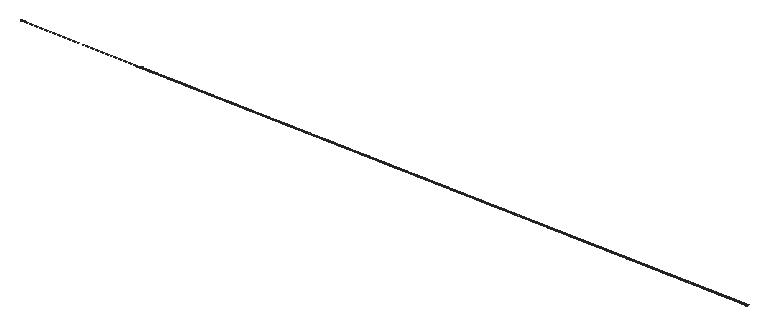
Revit family "0068184", category Lighting Fixtures, host Face, Revit 2017
Family settings
  Host = Face
  Round Connector Dimension = Use Diameter
  Part Type = Normal
  OmniClass Number = 23.80.70.00
  OmniClass Title = Lighting
  Cut with Voids When Loaded = No
  Light Source = Yes
  Shared = No
  Room Calculation Point = No
Parameters (values of type "0068184 FLEX PRO IP20 9000LM 930")
  Weight = "2.0 kg"
  Wattage Comments = ""
  Wattage = 72 W
  WarrantyStartDate [instance] = "n/a"
  WarrantyGuarantorParts = "n/a"
  WarrantyDurationUnit = "n/a"
  WarrantyDurationParts = "n/a"
  WarrantyDescription = "n/a"
  built-in parameter 1150110 = 1 (stored number, unit not read)
  Voltage = 0 V
  URL = "http://www.sylvania-lighting.com"
  TypeName = "Flex Pro IP20 9000lm 930"
  Type Image = <None>
  Type Comments = "n/a"
  built-in parameter 1114217 = 1 (stored number, unit not read)
  Tilt Angle = -90.00°
  built-in parameter 1150109 = 1 (stored number, unit not read)
  built-in parameter 1150134 = (empty or 0)
  built-in parameter 1150113 = 1 (stored number, unit not read)
  SerialNumber [instance] = "n/a"
  Photometric Web File = "0068184.ies"
  PHOTOMETRY3_SYL = 0 mm
  PHOTOMETRY2_SYL = LUM_WIDTH_SYL  # 5 mm
  PHOTOMETRY1_SYL = LUM_LENGHT_SYL / 2  # 2500 mm
  Material_3_SYL = none
  PowerFactor = 0
  PowerConsumption = "72 W"
  NominalLength = 5000 mm
  NominalHeight = 1.2 mm
  NominalDepth = 10 mm
  Name = "Flex Pro IP20 9000lm 930"
  ModelReference = Name  # "Flex Pro IP20 9000lm 930"
  ModelNumber = "0068184"
  Model = Name  # "Flex Pro IP20 9000lm 930"
  Material = "n/a"
  ManufacturerName = "Feilo Sylvania"
  Manufacturer = "Feilo Sylvania"
  LuminousEfficacy = "123 lm/W"
  built-in parameter 1150105 = 704.74 (stored number, unit not read)
  Lumens = 8856 lm
  LuminaireType = ""
  built-in parameter 1150115 = 1 (stored number, unit not read)
  LightOutputRatio = "n/a"
  built-in parameter 1150137 = (empty or 0)
  built-in parameter 1150139 = (empty or 0)
  LampsType = Lamp  # "LED"
  LampNominalLuminous = "9000 lm"
  LampMacAdamStep = "n/a"
  LampColourTemperature = "3000 K"
  LampColourRenderingIndex = "90"
  built-in parameter 1150112 = 1 (stored number, unit not read)
  built-in parameter 1150114 = 1 (stored number, unit not read)
  Lamp = "LED"
  LUM_WIDTH_SYL = 5 mm
  LUM_LENGHT_SYL!!!! = "MUST BE DIVISIBLE WITH 100"
  LUM_LENGHT_SYL = 5000 mm  # constant formula
  LED_CH_S_WIDTH_SYL = 1.5 mm
  LED_CH_S_DEPTH2_SYL = 1.1 mm
  LED_CH_S_DEPTH1_SYL = 1.2 mm
  LED_CH_L_WIDTH_SYL = 1.7 mm
  LED_CH_L_DIST_SYL = 12.5 mm
  LED_CH_L_DIST1_SYL = 51.7 mm
  LED_CH_L_DEPTH_SYL = 1.4 mm
  Keynote = "16500"
  InstallationDate [instance] = "n/a"
  InputVoltage = "n/a"
  InputNominalFrequency = "n/a"
  built-in parameter 1150132 = (empty or 0)
  built-in parameter 1150102 = (empty or 0)
  built-in parameter 1150107 = 3000 (stored number, unit not read)
  built-in parameter 1150138 = (empty or 0)
  IngressProtection = "IP20"
  ImpactProtectionIndex = "IK00"
  built-in parameter 1150106 = 7.0474 (stored number, unit not read)
  IfcExportType = "IfcLightFixtureType"
  IfcExportAs = "IfcLightFixtureType"
  Emit from Circle Diameter = 609.6 mm
  Emit Shape Visible in Rendering = no
  ElectricShockClassification = "Class III"
  built-in parameter 1150104 = 11.427 (stored number, unit not read)
  DocumentationLiterature = "http://www.sylvania-lighting.com/product/en-int/products/0068184"
  DimmingControlOptions = "n/a"
  Material_2_SYL = Default New Material
  Dimming Lamp Color Temperature Shift = <None>
  Description = ""
  Default Elevation = 1219.2 mm
  CreatedOn = "10/16/2020"
  CreatedBy = "@sylvania-lighting.com"
  Cost = 0
  Color Filter = 16777215
  built-in parameter 1114216 [instance] = (empty or 0)
  ClassificationValue = "EF_70_80"
  ClassificationName = "Uniclass2015"
  Material_1_SYL = Default
  CABLE_LENGHT_SYL = 1000 mm
  CABLE_FIX_SYL = 1 mm
  CABLE_END_SYL = 15 mm
  CABLE_DIST_SYL = 1.5 mm
  CABLE_DIST2_SYL = 1.5 mm
  CABLE_BLEND_SYL = 20 mm
  BarCode [instance] = "n/a"
  built-in parameter 1114218 = 1 (stored number, unit not read)
  built-in parameter 1150133 = 10 (stored number, unit not read)
  AssetType = "Fixed"
  AssetIdentifier [instance] = "n/a"
  Assembly Code = "D5020200"
  Apparent Load = 72 VA
  Material_4_SYL = none
Reference planes
  plane 1 "Center (Front/Back)": y = 0
  plane 2: z = 0
  plane 3 "Center (Left/Right)": x = 0
  plane 4: x = 5000
  plane 5: y = 5
  plane 6: y = -5
  plane 7: x = 1
  plane 8: x = -1000
  plane 9: x = -20
  plane 10: x = -985
  plane 11: y = 1.5
  plane 12: y = -1.5
  plane 13: y = 3.5
  plane 14: y = -3.5
  plane 15: y = 1.7
  plane 16: y = -1.7
  plane 17: y = 1.5
  plane 18: y = -1.5
  plane 19: x = 51.7
  plane 20: x = 64.2
  plane 21: x = 76.7
  plane 22: x = 89.2
  plane 23: x = 101.7
  plane 24: x = 114.2
  plane 25: x = 126.7
  plane 26: x = 139.2
  plane 27: x = 9.4
  plane 28: x = 6.6
  plane 29: x = 19.1
  plane 30: x = 21.9
  plane 31: x = 34.4
  plane 32: x = 31.6
  plane 33: x = 44.1
  plane 34: x = 46.9
  plane 35: x = 56.6
  plane 36: x = 59.4
  plane 37: x = 69.1
  plane 38: x = 71.9
  plane 39: x = 81.6
  plane 40: x = 84.4
  plane 41: x = 94.1
  plane 42: x = 96.9
  plane 43: x = 52.9
  plane 44: x = 50.6
Forms (mm)
  Extrusion 1, solid, material "Default" <- "Material_1_SYL"
    sketch origin (0, 0, 0) x (1, 0, 0) y (0, 1, 0)
      loop
        line (0, 5) -> (0, -5) -> (5000, -5) -> (5000, 5) -> (0, 5)
    from -0.9 to -1.2
  Sweep 2, solid, material "Default New Material" <- "Material_2_SYL"
    path origin (0, 0, 0) x (1, 0, 0) y (0, 1, 0)
      loop
        line (1, 3.5) -> (0, 3.5) -> (-20, 1.5) -> (-985, 1.5)
    profile origin (-10, 2.5, 0) x (0.099504, -0.995037, 0) y (0, 0, 1)
      loop
        circle (0, 0) r 1.399
  Sweep 3, solid, material "Default New Material" <- "Material_2_SYL"
    path origin (0, 0, 0) x (1, 0, 0) y (0, 1, 0)
      loop
        line (1, -3.5) -> (0, -3.5) -> (-20, -1.5) -> (-985, -1.5)
    profile origin (-10, -2.5, 0) x (-0.099504, -0.995037, 0) y (0, 0, 1)
      loop
        circle (0, 0) r 1.353
  Revolve 4, solid
    sketch origin (0, 0, 0) x (1, 0, 0) y (0, 1, 0)
      loop
        line (-985, 1.5) -> (-985, 2.444) -> (-1000, 2.444) -> (-1000, 1.5) -> (-985, 1.5)
      axis (-985, 1.5) -> (-1000, 1.5)
    angle from 360 to 0
  Revolve 5, solid
    sketch origin (0, 0, 0) x (1, 0, 0) y (0, 1, 0)
      loop
        line (-985, -1.5) -> (-1000, -1.5) -> (-1000, -2.423) -> (-985, -2.423) -> (-985, -1.5)
      axis (-985, -1.5) -> (-1000, -1.5)
    angle from 360 to 0
  Extrusion 6, solid
    sketch origin (0, 0, 0) x (1, 0, 0) y (0, 1, 0)
      loop
        line (9.4, -1.7) -> (9.4, 1.7) -> (6.6, 1.7) -> (6.6, -1.7) -> (9.4, -1.7)
      loop
        line (19.1, 1.7) -> (19.1, -1.7) -> (21.9, -1.7) -> (21.9, 1.7) -> (19.1, 1.7)
      loop
        line (34.4, -1.7) -> (34.4, 1.7) -> (31.6, 1.7) -> (31.6, -1.7) -> (34.4, -1.7)
      loop
        line (46.9, -1.7) -> (46.9, 1.7) -> (44.1, 1.7) -> (44.1, -1.7) -> (46.9, -1.7)
      loop
        line (59.4, -1.7) -> (59.4, 1.7) -> (56.6, 1.7) -> (56.6, -1.7) -> (59.4, -1.7)
      loop
        line (71.9, -1.7) -> (71.9, 1.7) -> (69.1, 1.7) -> (69.1, -1.7) -> (71.9, -1.7)
      loop
        line (84.4, -1.7) -> (84.4, 1.7) -> (81.6, 1.7) -> (81.6, -1.7) -> (84.4, -1.7)
      loop
        line (96.9, -1.7) -> (96.9, 1.7) -> (94.1, 1.7) -> (94.1, -1.7) -> (96.9, -1.7)
    from -1.2 to 0
  Extrusion 7, solid
    sketch origin (0, 0, 0) x (1, 0, 0) y (0, 1, 0)
      loop
        line (52.9, -1.5) -> (52.9, 1.5) -> (50.6, 1.5) -> (50.6, -1.5) -> (52.9, -1.5)
    from -1.2 to -0.5
  Extrusion 8, solid
    sketch origin (4896.4, 0, 0) x (1, 0, 0) y (0, 1, 0)
      loop
        line (9.4, -1.7) -> (9.4, 1.7) -> (6.6, 1.7) -> (6.6, -1.7) -> (9.4, -1.7)
      loop
        line (19.1, 1.7) -> (19.1, -1.7) -> (21.9, -1.7) -> (21.9, 1.7) -> (19.1, 1.7)
      loop
        line (34.4, -1.7) -> (34.4, 1.7) -> (31.6, 1.7) -> (31.6, -1.7) -> (34.4, -1.7)
      loop
        line (46.9, -1.7) -> (46.9, 1.7) -> (44.1, 1.7) -> (44.1, -1.7) -> (46.9, -1.7)
      loop
        line (59.4, -1.7) -> (59.4, 1.7) -> (56.6, 1.7) -> (56.6, -1.7) -> (59.4, -1.7)
      loop
        line (71.9, -1.7) -> (71.9, 1.7) -> (69.1, 1.7) -> (69.1, -1.7) -> (71.9, -1.7)
      loop
        line (84.4, -1.7) -> (84.4, 1.7) -> (81.6, 1.7) -> (81.6, -1.7) -> (84.4, -1.7)
      loop
        line (96.9, -1.7) -> (96.9, 1.7) -> (94.1, 1.7) -> (94.1, -1.7) -> (96.9, -1.7)
    from -1.2 to 0
  Extrusion 9, solid
    sketch origin (99.927, 0, 0) x (1, 0, 0) y (0, 1, 0)
      loop
        line (9.4, -1.7) -> (9.4, 1.7) -> (6.6, 1.7) -> (6.6, -1.7) -> (9.4, -1.7)
      loop
        line (19.1, 1.7) -> (19.1, -1.7) -> (21.9, -1.7) -> (21.9, 1.7) -> (19.1, 1.7)
      loop
        line (34.4, -1.7) -> (34.4, 1.7) -> (31.6, 1.7) -> (31.6, -1.7) -> (34.4, -1.7)
      loop
        line (46.9, -1.7) -> (46.9, 1.7) -> (44.1, 1.7) -> (44.1, -1.7) -> (46.9, -1.7)
      loop
        line (59.4, -1.7) -> (59.4, 1.7) -> (56.6, 1.7) -> (56.6, -1.7) -> (59.4, -1.7)
      loop
        line (71.9, -1.7) -> (71.9, 1.7) -> (69.1, 1.7) -> (69.1, -1.7) -> (71.9, -1.7)
      loop
        line (84.4, -1.7) -> (84.4, 1.7) -> (81.6, 1.7) -> (81.6, -1.7) -> (84.4, -1.7)
      loop
        line (96.9, -1.7) -> (96.9, 1.7) -> (94.1, 1.7) -> (94.1, -1.7) -> (96.9, -1.7)
    from -1.2 to 0
  Extrusion 10, solid
    sketch origin (199.853, 0, 0) x (1, 0, 0) y (0, 1, 0)
      loop
        line (9.4, -1.7) -> (9.4, 1.7) -> (6.6, 1.7) -> (6.6, -1.7) -> (9.4, -1.7)
      loop
        line (19.1, 1.7) -> (19.1, -1.7) -> (21.9, -1.7) -> (21.9, 1.7) -> (19.1, 1.7)
      loop
        line (34.4, -1.7) -> (34.4, 1.7) -> (31.6, 1.7) -> (31.6, -1.7) -> (34.4, -1.7)
      loop
        line (46.9, -1.7) -> (46.9, 1.7) -> (44.1, 1.7) -> (44.1, -1.7) -> (46.9, -1.7)
      loop
        line (59.4, -1.7) -> (59.4, 1.7) -> (56.6, 1.7) -> (56.6, -1.7) -> (59.4, -1.7)
      loop
        line (71.9, -1.7) -> (71.9, 1.7) -> (69.1, 1.7) -> (69.1, -1.7) -> (71.9, -1.7)
      loop
        line (84.4, -1.7) -> (84.4, 1.7) -> (81.6, 1.7) -> (81.6, -1.7) -> (84.4, -1.7)
      loop
        line (96.9, -1.7) -> (96.9, 1.7) -> (94.1, 1.7) -> (94.1, -1.7) -> (96.9, -1.7)
    from -1.2 to 0
  Extrusion 11, solid
    sketch origin (299.78, 0, 0) x (1, 0, 0) y (0, 1, 0)
      loop
        line (9.4, -1.7) -> (9.4, 1.7) -> (6.6, 1.7) -> (6.6, -1.7) -> (9.4, -1.7)
      loop
        line (19.1, 1.7) -> (19.1, -1.7) -> (21.9, -1.7) -> (21.9, 1.7) -> (19.1, 1.7)
      loop
        line (34.4, -1.7) -> (34.4, 1.7) -> (31.6, 1.7) -> (31.6, -1.7) -> (34.4, -1.7)
      loop
        line (46.9, -1.7) -> (46.9, 1.7) -> (44.1, 1.7) -> (44.1, -1.7) -> (46.9, -1.7)
      loop
        line (59.4, -1.7) -> (59.4, 1.7) -> (56.6, 1.7) -> (56.6, -1.7) -> (59.4, -1.7)
      loop
        line (71.9, -1.7) -> (71.9, 1.7) -> (69.1, 1.7) -> (69.1, -1.7) -> (71.9, -1.7)
      loop
        line (84.4, -1.7) -> (84.4, 1.7) -> (81.6, 1.7) -> (81.6, -1.7) -> (84.4, -1.7)
      loop
        line (96.9, -1.7) -> (96.9, 1.7) -> (94.1, 1.7) -> (94.1, -1.7) -> (96.9, -1.7)
    from -1.2 to 0
  Extrusion 12, solid
    sketch origin (399.706, 0, 0) x (1, 0, 0) y (0, 1, 0)
      loop
        line (9.4, -1.7) -> (9.4, 1.7) -> (6.6, 1.7) -> (6.6, -1.7) -> (9.4, -1.7)
      loop
        line (19.1, 1.7) -> (19.1, -1.7) -> (21.9, -1.7) -> (21.9, 1.7) -> (19.1, 1.7)
      loop
        line (34.4, -1.7) -> (34.4, 1.7) -> (31.6, 1.7) -> (31.6, -1.7) -> (34.4, -1.7)
      loop
        line (46.9, -1.7) -> (46.9, 1.7) -> (44.1, 1.7) -> (44.1, -1.7) -> (46.9, -1.7)
      loop
        line (59.4, -1.7) -> (59.4, 1.7) -> (56.6, 1.7) -> (56.6, -1.7) -> (59.4, -1.7)
      loop
        line (71.9, -1.7) -> (71.9, 1.7) -> (69.1, 1.7) -> (69.1, -1.7) -> (71.9, -1.7)
      loop
        line (84.4, -1.7) -> (84.4, 1.7) -> (81.6, 1.7) -> (81.6, -1.7) -> (84.4, -1.7)
      loop
        line (96.9, -1.7) -> (96.9, 1.7) -> (94.1, 1.7) -> (94.1, -1.7) -> (96.9, -1.7)
    from -1.2 to 0
  Extrusion 13, solid
    sketch origin (499.633, 0, 0) x (1, 0, 0) y (0, 1, 0)
      loop
        line (9.4, -1.7) -> (9.4, 1.7) -> (6.6, 1.7) -> (6.6, -1.7) -> (9.4, -1.7)
      loop
        line (19.1, 1.7) -> (19.1, -1.7) -> (21.9, -1.7) -> (21.9, 1.7) -> (19.1, 1.7)
      loop
        line (34.4, -1.7) -> (34.4, 1.7) -> (31.6, 1.7) -> (31.6, -1.7) -> (34.4, -1.7)
      loop
        line (46.9, -1.7) -> (46.9, 1.7) -> (44.1, 1.7) -> (44.1, -1.7) -> (46.9, -1.7)
      loop
        line (59.4, -1.7) -> (59.4, 1.7) -> (56.6, 1.7) -> (56.6, -1.7) -> (59.4, -1.7)
      loop
        line (71.9, -1.7) -> (71.9, 1.7) -> (69.1, 1.7) -> (69.1, -1.7) -> (71.9, -1.7)
      loop
        line (84.4, -1.7) -> (84.4, 1.7) -> (81.6, 1.7) -> (81.6, -1.7) -> (84.4, -1.7)
      loop
        line (96.9, -1.7) -> (96.9, 1.7) -> (94.1, 1.7) -> (94.1, -1.7) -> (96.9, -1.7)
    from -1.2 to 0
  Extrusion 14, solid
    sketch origin (599.559, 0, 0) x (1, 0, 0) y (0, 1, 0)
      loop
        line (9.4, -1.7) -> (9.4, 1.7) -> (6.6, 1.7) -> (6.6, -1.7) -> (9.4, -1.7)
      loop
        line (19.1, 1.7) -> (19.1, -1.7) -> (21.9, -1.7) -> (21.9, 1.7) -> (19.1, 1.7)
      loop
        line (34.4, -1.7) -> (34.4, 1.7) -> (31.6, 1.7) -> (31.6, -1.7) -> (34.4, -1.7)
      loop
        line (46.9, -1.7) -> (46.9, 1.7) -> (44.1, 1.7) -> (44.1, -1.7) -> (46.9, -1.7)
      loop
        line (59.4, -1.7) -> (59.4, 1.7) -> (56.6, 1.7) -> (56.6, -1.7) -> (59.4, -1.7)
      loop
        line (71.9, -1.7) -> (71.9, 1.7) -> (69.1, 1.7) -> (69.1, -1.7) -> (71.9, -1.7)
      loop
        line (84.4, -1.7) -> (84.4, 1.7) -> (81.6, 1.7) -> (81.6, -1.7) -> (84.4, -1.7)
      loop
        line (96.9, -1.7) -> (96.9, 1.7) -> (94.1, 1.7) -> (94.1, -1.7) -> (96.9, -1.7)
    from -1.2 to 0
  Extrusion 15, solid
    sketch origin (699.486, 0, 0) x (1, 0, 0) y (0, 1, 0)
      loop
        line (9.4, -1.7) -> (9.4, 1.7) -> (6.6, 1.7) -> (6.6, -1.7) -> (9.4, -1.7)
      loop
        line (19.1, 1.7) -> (19.1, -1.7) -> (21.9, -1.7) -> (21.9, 1.7) -> (19.1, 1.7)
      loop
        line (34.4, -1.7) -> (34.4, 1.7) -> (31.6, 1.7) -> (31.6, -1.7) -> (34.4, -1.7)
      loop
        line (46.9, -1.7) -> (46.9, 1.7) -> (44.1, 1.7) -> (44.1, -1.7) -> (46.9, -1.7)
      loop
        line (59.4, -1.7) -> (59.4, 1.7) -> (56.6, 1.7) -> (56.6, -1.7) -> (59.4, -1.7)
      loop
        line (71.9, -1.7) -> (71.9, 1.7) -> (69.1, 1.7) -> (69.1, -1.7) -> (71.9, -1.7)
      loop
        line (84.4, -1.7) -> (84.4, 1.7) -> (81.6, 1.7) -> (81.6, -1.7) -> (84.4, -1.7)
      loop
        line (96.9, -1.7) -> (96.9, 1.7) -> (94.1, 1.7) -> (94.1, -1.7) -> (96.9, -1.7)
    from -1.2 to 0
  Extrusion 16, solid
    sketch origin (799.412, 0, 0) x (1, 0, 0) y (0, 1, 0)
      loop
        line (9.4, -1.7) -> (9.4, 1.7) -> (6.6, 1.7) -> (6.6, -1.7) -> (9.4, -1.7)
      loop
        line (19.1, 1.7) -> (19.1, -1.7) -> (21.9, -1.7) -> (21.9, 1.7) -> (19.1, 1.7)
      loop
        line (34.4, -1.7) -> (34.4, 1.7) -> (31.6, 1.7) -> (31.6, -1.7) -> (34.4, -1.7)
      loop
        line (46.9, -1.7) -> (46.9, 1.7) -> (44.1, 1.7) -> (44.1, -1.7) -> (46.9, -1.7)
      loop
        line (59.4, -1.7) -> (59.4, 1.7) -> (56.6, 1.7) -> (56.6, -1.7) -> (59.4, -1.7)
      loop
        line (71.9, -1.7) -> (71.9, 1.7) -> (69.1, 1.7) -> (69.1, -1.7) -> (71.9, -1.7)
      loop
        line (84.4, -1.7) -> (84.4, 1.7) -> (81.6, 1.7) -> (81.6, -1.7) -> (84.4, -1.7)
      loop
        line (96.9, -1.7) -> (96.9, 1.7) -> (94.1, 1.7) -> (94.1, -1.7) -> (96.9, -1.7)
    from -1.2 to 0
  Extrusion 17, solid
    sketch origin (899.339, 0, 0) x (1, 0, 0) y (0, 1, 0)
      loop
        line (9.4, -1.7) -> (9.4, 1.7) -> (6.6, 1.7) -> (6.6, -1.7) -> (9.4, -1.7)
      loop
        line (19.1, 1.7) -> (19.1, -1.7) -> (21.9, -1.7) -> (21.9, 1.7) -> (19.1, 1.7)
      loop
        line (34.4, -1.7) -> (34.4, 1.7) -> (31.6, 1.7) -> (31.6, -1.7) -> (34.4, -1.7)
      loop
        line (46.9, -1.7) -> (46.9, 1.7) -> (44.1, 1.7) -> (44.1, -1.7) -> (46.9, -1.7)
      loop
        line (59.4, -1.7) -> (59.4, 1.7) -> (56.6, 1.7) -> (56.6, -1.7) -> (59.4, -1.7)
      loop
        line (71.9, -1.7) -> (71.9, 1.7) -> (69.1, 1.7) -> (69.1, -1.7) -> (71.9, -1.7)
      loop
        line (84.4, -1.7) -> (84.4, 1.7) -> (81.6, 1.7) -> (81.6, -1.7) -> (84.4, -1.7)
      loop
        line (96.9, -1.7) -> (96.9, 1.7) -> (94.1, 1.7) -> (94.1, -1.7) -> (96.9, -1.7)
    from -1.2 to 0
  Extrusion 18, solid
    sketch origin (999.265, 0, 0) x (1, 0, 0) y (0, 1, 0)
      loop
        line (9.4, -1.7) -> (9.4, 1.7) -> (6.6, 1.7) -> (6.6, -1.7) -> (9.4, -1.7)
      loop
        line (19.1, 1.7) -> (19.1, -1.7) -> (21.9, -1.7) -> (21.9, 1.7) -> (19.1, 1.7)
      loop
        line (34.4, -1.7) -> (34.4, 1.7) -> (31.6, 1.7) -> (31.6, -1.7) -> (34.4, -1.7)
      loop
        line (46.9, -1.7) -> (46.9, 1.7) -> (44.1, 1.7) -> (44.1, -1.7) -> (46.9, -1.7)
      loop
        line (59.4, -1.7) -> (59.4, 1.7) -> (56.6, 1.7) -> (56.6, -1.7) -> (59.4, -1.7)
      loop
        line (71.9, -1.7) -> (71.9, 1.7) -> (69.1, 1.7) -> (69.1, -1.7) -> (71.9, -1.7)
      loop
        line (84.4, -1.7) -> (84.4, 1.7) -> (81.6, 1.7) -> (81.6, -1.7) -> (84.4, -1.7)
      loop
        line (96.9, -1.7) -> (96.9, 1.7) -> (94.1, 1.7) -> (94.1, -1.7) -> (96.9, -1.7)
    from -1.2 to 0
  Extrusion 19, solid
    sketch origin (1099.192, 0, 0) x (1, 0, 0) y (0, 1, 0)
      loop
        line (9.4, -1.7) -> (9.4, 1.7) -> (6.6, 1.7) -> (6.6, -1.7) -> (9.4, -1.7)
      loop
        line (19.1, 1.7) -> (19.1, -1.7) -> (21.9, -1.7) -> (21.9, 1.7) -> (19.1, 1.7)
      loop
        line (34.4, -1.7) -> (34.4, 1.7) -> (31.6, 1.7) -> (31.6, -1.7) -> (34.4, -1.7)
      loop
        line (46.9, -1.7) -> (46.9, 1.7) -> (44.1, 1.7) -> (44.1, -1.7) -> (46.9, -1.7)
      loop
        line (59.4, -1.7) -> (59.4, 1.7) -> (56.6, 1.7) -> (56.6, -1.7) -> (59.4, -1.7)
      loop
        line (71.9, -1.7) -> (71.9, 1.7) -> (69.1, 1.7) -> (69.1, -1.7) -> (71.9, -1.7)
      loop
        line (84.4, -1.7) -> (84.4, 1.7) -> (81.6, 1.7) -> (81.6, -1.7) -> (84.4, -1.7)
      loop
        line (96.9, -1.7) -> (96.9, 1.7) -> (94.1, 1.7) -> (94.1, -1.7) -> (96.9, -1.7)
    from -1.2 to 0
  Extrusion 20, solid
    sketch origin (1199.118, 0, 0) x (1, 0, 0) y (0, 1, 0)
      loop
        line (9.4, -1.7) -> (9.4, 1.7) -> (6.6, 1.7) -> (6.6, -1.7) -> (9.4, -1.7)
      loop
        line (19.1, 1.7) -> (19.1, -1.7) -> (21.9, -1.7) -> (21.9, 1.7) -> (19.1, 1.7)
      loop
        line (34.4, -1.7) -> (34.4, 1.7) -> (31.6, 1.7) -> (31.6, -1.7) -> (34.4, -1.7)
      loop
        line (46.9, -1.7) -> (46.9, 1.7) -> (44.1, 1.7) -> (44.1, -1.7) -> (46.9, -1.7)
      loop
        line (59.4, -1.7) -> (59.4, 1.7) -> (56.6, 1.7) -> (56.6, -1.7) -> (59.4, -1.7)
      loop
        line (71.9, -1.7) -> (71.9, 1.7) -> (69.1, 1.7) -> (69.1, -1.7) -> (71.9, -1.7)
      loop
        line (84.4, -1.7) -> (84.4, 1.7) -> (81.6, 1.7) -> (81.6, -1.7) -> (84.4, -1.7)
      loop
        line (96.9, -1.7) -> (96.9, 1.7) -> (94.1, 1.7) -> (94.1, -1.7) -> (96.9, -1.7)
    from -1.2 to 0
  Extrusion 21, solid
    sketch origin (1299.045, 0, 0) x (1, 0, 0) y (0, 1, 0)
      loop
        line (9.4, -1.7) -> (9.4, 1.7) -> (6.6, 1.7) -> (6.6, -1.7) -> (9.4, -1.7)
      loop
        line (19.1, 1.7) -> (19.1, -1.7) -> (21.9, -1.7) -> (21.9, 1.7) -> (19.1, 1.7)
      loop
        line (34.4, -1.7) -> (34.4, 1.7) -> (31.6, 1.7) -> (31.6, -1.7) -> (34.4, -1.7)
      loop
        line (46.9, -1.7) -> (46.9, 1.7) -> (44.1, 1.7) -> (44.1, -1.7) -> (46.9, -1.7)
      loop
        line (59.4, -1.7) -> (59.4, 1.7) -> (56.6, 1.7) -> (56.6, -1.7) -> (59.4, -1.7)
      loop
        line (71.9, -1.7) -> (71.9, 1.7) -> (69.1, 1.7) -> (69.1, -1.7) -> (71.9, -1.7)
      loop
        line (84.4, -1.7) -> (84.4, 1.7) -> (81.6, 1.7) -> (81.6, -1.7) -> (84.4, -1.7)
      loop
        line (96.9, -1.7) -> (96.9, 1.7) -> (94.1, 1.7) -> (94.1, -1.7) -> (96.9, -1.7)
    from -1.2 to 0
  Extrusion 22, solid
    sketch origin (1398.971, 0, 0) x (1, 0, 0) y (0, 1, 0)
      loop
        line (9.4, -1.7) -> (9.4, 1.7) -> (6.6, 1.7) -> (6.6, -1.7) -> (9.4, -1.7)
      loop
        line (19.1, 1.7) -> (19.1, -1.7) -> (21.9, -1.7) -> (21.9, 1.7) -> (19.1, 1.7)
      loop
        line (34.4, -1.7) -> (34.4, 1.7) -> (31.6, 1.7) -> (31.6, -1.7) -> (34.4, -1.7)
      loop
        line (46.9, -1.7) -> (46.9, 1.7) -> (44.1, 1.7) -> (44.1, -1.7) -> (46.9, -1.7)
      loop
        line (59.4, -1.7) -> (59.4, 1.7) -> (56.6, 1.7) -> (56.6, -1.7) -> (59.4, -1.7)
      loop
        line (71.9, -1.7) -> (71.9, 1.7) -> (69.1, 1.7) -> (69.1, -1.7) -> (71.9, -1.7)
      loop
        line (84.4, -1.7) -> (84.4, 1.7) -> (81.6, 1.7) -> (81.6, -1.7) -> (84.4, -1.7)
      loop
        line (96.9, -1.7) -> (96.9, 1.7) -> (94.1, 1.7) -> (94.1, -1.7) -> (96.9, -1.7)
    from -1.2 to 0
  Extrusion 23, solid
    sketch origin (1498.898, 0, 0) x (1, 0, 0) y (0, 1, 0)
      loop
        line (9.4, -1.7) -> (9.4, 1.7) -> (6.6, 1.7) -> (6.6, -1.7) -> (9.4, -1.7)
      loop
        line (19.1, 1.7) -> (19.1, -1.7) -> (21.9, -1.7) -> (21.9, 1.7) -> (19.1, 1.7)
      loop
        line (34.4, -1.7) -> (34.4, 1.7) -> (31.6, 1.7) -> (31.6, -1.7) -> (34.4, -1.7)
      loop
        line (46.9, -1.7) -> (46.9, 1.7) -> (44.1, 1.7) -> (44.1, -1.7) -> (46.9, -1.7)
      loop
        line (59.4, -1.7) -> (59.4, 1.7) -> (56.6, 1.7) -> (56.6, -1.7) -> (59.4, -1.7)
      loop
        line (71.9, -1.7) -> (71.9, 1.7) -> (69.1, 1.7) -> (69.1, -1.7) -> (71.9, -1.7)
      loop
        line (84.4, -1.7) -> (84.4, 1.7) -> (81.6, 1.7) -> (81.6, -1.7) -> (84.4, -1.7)
      loop
        line (96.9, -1.7) -> (96.9, 1.7) -> (94.1, 1.7) -> (94.1, -1.7) -> (96.9, -1.7)
    from -1.2 to 0
  Extrusion 24, solid
    sketch origin (1598.824, 0, 0) x (1, 0, 0) y (0, 1, 0)
      loop
        line (9.4, -1.7) -> (9.4, 1.7) -> (6.6, 1.7) -> (6.6, -1.7) -> (9.4, -1.7)
      loop
        line (19.1, 1.7) -> (19.1, -1.7) -> (21.9, -1.7) -> (21.9, 1.7) -> (19.1, 1.7)
      loop
        line (34.4, -1.7) -> (34.4, 1.7) -> (31.6, 1.7) -> (31.6, -1.7) -> (34.4, -1.7)
      loop
        line (46.9, -1.7) -> (46.9, 1.7) -> (44.1, 1.7) -> (44.1, -1.7) -> (46.9, -1.7)
      loop
        line (59.4, -1.7) -> (59.4, 1.7) -> (56.6, 1.7) -> (56.6, -1.7) -> (59.4, -1.7)
      loop
        line (71.9, -1.7) -> (71.9, 1.7) -> (69.1, 1.7) -> (69.1, -1.7) -> (71.9, -1.7)
      loop
        line (84.4, -1.7) -> (84.4, 1.7) -> (81.6, 1.7) -> (81.6, -1.7) -> (84.4, -1.7)
      loop
        line (96.9, -1.7) -> (96.9, 1.7) -> (94.1, 1.7) -> (94.1, -1.7) -> (96.9, -1.7)
    from -1.2 to 0
  Extrusion 25, solid
    sketch origin (1698.751, 0, 0) x (1, 0, 0) y (0, 1, 0)
      loop
        line (9.4, -1.7) -> (9.4, 1.7) -> (6.6, 1.7) -> (6.6, -1.7) -> (9.4, -1.7)
      loop
        line (19.1, 1.7) -> (19.1, -1.7) -> (21.9, -1.7) -> (21.9, 1.7) -> (19.1, 1.7)
      loop
        line (34.4, -1.7) -> (34.4, 1.7) -> (31.6, 1.7) -> (31.6, -1.7) -> (34.4, -1.7)
      loop
        line (46.9, -1.7) -> (46.9, 1.7) -> (44.1, 1.7) -> (44.1, -1.7) -> (46.9, -1.7)
      loop
        line (59.4, -1.7) -> (59.4, 1.7) -> (56.6, 1.7) -> (56.6, -1.7) -> (59.4, -1.7)
      loop
        line (71.9, -1.7) -> (71.9, 1.7) -> (69.1, 1.7) -> (69.1, -1.7) -> (71.9, -1.7)
      loop
        line (84.4, -1.7) -> (84.4, 1.7) -> (81.6, 1.7) -> (81.6, -1.7) -> (84.4, -1.7)
      loop
        line (96.9, -1.7) -> (96.9, 1.7) -> (94.1, 1.7) -> (94.1, -1.7) -> (96.9, -1.7)
    from -1.2 to 0
  Extrusion 26, solid
    sketch origin (1798.678, 0, 0) x (1, 0, 0) y (0, 1, 0)
      loop
        line (9.4, -1.7) -> (9.4, 1.7) -> (6.6, 1.7) -> (6.6, -1.7) -> (9.4, -1.7)
      loop
        line (19.1, 1.7) -> (19.1, -1.7) -> (21.9, -1.7) -> (21.9, 1.7) -> (19.1, 1.7)
      loop
        line (34.4, -1.7) -> (34.4, 1.7) -> (31.6, 1.7) -> (31.6, -1.7) -> (34.4, -1.7)
      loop
        line (46.9, -1.7) -> (46.9, 1.7) -> (44.1, 1.7) -> (44.1, -1.7) -> (46.9, -1.7)
      loop
        line (59.4, -1.7) -> (59.4, 1.7) -> (56.6, 1.7) -> (56.6, -1.7) -> (59.4, -1.7)
      loop
        line (71.9, -1.7) -> (71.9, 1.7) -> (69.1, 1.7) -> (69.1, -1.7) -> (71.9, -1.7)
      loop
        line (84.4, -1.7) -> (84.4, 1.7) -> (81.6, 1.7) -> (81.6, -1.7) -> (84.4, -1.7)
      loop
        line (96.9, -1.7) -> (96.9, 1.7) -> (94.1, 1.7) -> (94.1, -1.7) -> (96.9, -1.7)
    from -1.2 to 0
  Extrusion 27, solid
    sketch origin (1898.604, 0, 0) x (1, 0, 0) y (0, 1, 0)
      loop
        line (9.4, -1.7) -> (9.4, 1.7) -> (6.6, 1.7) -> (6.6, -1.7) -> (9.4, -1.7)
      loop
        line (19.1, 1.7) -> (19.1, -1.7) -> (21.9, -1.7) -> (21.9, 1.7) -> (19.1, 1.7)
      loop
        line (34.4, -1.7) -> (34.4, 1.7) -> (31.6, 1.7) -> (31.6, -1.7) -> (34.4, -1.7)
      loop
        line (46.9, -1.7) -> (46.9, 1.7) -> (44.1, 1.7) -> (44.1, -1.7) -> (46.9, -1.7)
      loop
        line (59.4, -1.7) -> (59.4, 1.7) -> (56.6, 1.7) -> (56.6, -1.7) -> (59.4, -1.7)
      loop
        line (71.9, -1.7) -> (71.9, 1.7) -> (69.1, 1.7) -> (69.1, -1.7) -> (71.9, -1.7)
      loop
        line (84.4, -1.7) -> (84.4, 1.7) -> (81.6, 1.7) -> (81.6, -1.7) -> (84.4, -1.7)
      loop
        line (96.9, -1.7) -> (96.9, 1.7) -> (94.1, 1.7) -> (94.1, -1.7) -> (96.9, -1.7)
    from -1.2 to 0
  Extrusion 28, solid
    sketch origin (1998.531, 0, 0) x (1, 0, 0) y (0, 1, 0)
      loop
        line (9.4, -1.7) -> (9.4, 1.7) -> (6.6, 1.7) -> (6.6, -1.7) -> (9.4, -1.7)
      loop
        line (19.1, 1.7) -> (19.1, -1.7) -> (21.9, -1.7) -> (21.9, 1.7) -> (19.1, 1.7)
      loop
        line (34.4, -1.7) -> (34.4, 1.7) -> (31.6, 1.7) -> (31.6, -1.7) -> (34.4, -1.7)
      loop
        line (46.9, -1.7) -> (46.9, 1.7) -> (44.1, 1.7) -> (44.1, -1.7) -> (46.9, -1.7)
      loop
        line (59.4, -1.7) -> (59.4, 1.7) -> (56.6, 1.7) -> (56.6, -1.7) -> (59.4, -1.7)
      loop
        line (71.9, -1.7) -> (71.9, 1.7) -> (69.1, 1.7) -> (69.1, -1.7) -> (71.9, -1.7)
      loop
        line (84.4, -1.7) -> (84.4, 1.7) -> (81.6, 1.7) -> (81.6, -1.7) -> (84.4, -1.7)
      loop
        line (96.9, -1.7) -> (96.9, 1.7) -> (94.1, 1.7) -> (94.1, -1.7) -> (96.9, -1.7)
    from -1.2 to 0
  Extrusion 29, solid
    sketch origin (2098.457, 0, 0) x (1, 0, 0) y (0, 1, 0)
      loop
        line (9.4, -1.7) -> (9.4, 1.7) -> (6.6, 1.7) -> (6.6, -1.7) -> (9.4, -1.7)
      loop
        line (19.1, 1.7) -> (19.1, -1.7) -> (21.9, -1.7) -> (21.9, 1.7) -> (19.1, 1.7)
      loop
        line (34.4, -1.7) -> (34.4, 1.7) -> (31.6, 1.7) -> (31.6, -1.7) -> (34.4, -1.7)
      loop
        line (46.9, -1.7) -> (46.9, 1.7) -> (44.1, 1.7) -> (44.1, -1.7) -> (46.9, -1.7)
      loop
        line (59.4, -1.7) -> (59.4, 1.7) -> (56.6, 1.7) -> (56.6, -1.7) -> (59.4, -1.7)
      loop
        line (71.9, -1.7) -> (71.9, 1.7) -> (69.1, 1.7) -> (69.1, -1.7) -> (71.9, -1.7)
      loop
        line (84.4, -1.7) -> (84.4, 1.7) -> (81.6, 1.7) -> (81.6, -1.7) -> (84.4, -1.7)
      loop
        line (96.9, -1.7) -> (96.9, 1.7) -> (94.1, 1.7) -> (94.1, -1.7) -> (96.9, -1.7)
    from -1.2 to 0
  Extrusion 30, solid
    sketch origin (2198.384, 0, 0) x (1, 0, 0) y (0, 1, 0)
      loop
        line (9.4, -1.7) -> (9.4, 1.7) -> (6.6, 1.7) -> (6.6, -1.7) -> (9.4, -1.7)
      loop
        line (19.1, 1.7) -> (19.1, -1.7) -> (21.9, -1.7) -> (21.9, 1.7) -> (19.1, 1.7)
      loop
        line (34.4, -1.7) -> (34.4, 1.7) -> (31.6, 1.7) -> (31.6, -1.7) -> (34.4, -1.7)
      loop
        line (46.9, -1.7) -> (46.9, 1.7) -> (44.1, 1.7) -> (44.1, -1.7) -> (46.9, -1.7)
      loop
        line (59.4, -1.7) -> (59.4, 1.7) -> (56.6, 1.7) -> (56.6, -1.7) -> (59.4, -1.7)
      loop
        line (71.9, -1.7) -> (71.9, 1.7) -> (69.1, 1.7) -> (69.1, -1.7) -> (71.9, -1.7)
      loop
        line (84.4, -1.7) -> (84.4, 1.7) -> (81.6, 1.7) -> (81.6, -1.7) -> (84.4, -1.7)
      loop
        line (96.9, -1.7) -> (96.9, 1.7) -> (94.1, 1.7) -> (94.1, -1.7) -> (96.9, -1.7)
    from -1.2 to 0
  Extrusion 31, solid
    sketch origin (2298.31, 0, 0) x (1, 0, 0) y (0, 1, 0)
      loop
        line (9.4, -1.7) -> (9.4, 1.7) -> (6.6, 1.7) -> (6.6, -1.7) -> (9.4, -1.7)
      loop
        line (19.1, 1.7) -> (19.1, -1.7) -> (21.9, -1.7) -> (21.9, 1.7) -> (19.1, 1.7)
      loop
        line (34.4, -1.7) -> (34.4, 1.7) -> (31.6, 1.7) -> (31.6, -1.7) -> (34.4, -1.7)
      loop
        line (46.9, -1.7) -> (46.9, 1.7) -> (44.1, 1.7) -> (44.1, -1.7) -> (46.9, -1.7)
      loop
        line (59.4, -1.7) -> (59.4, 1.7) -> (56.6, 1.7) -> (56.6, -1.7) -> (59.4, -1.7)
      loop
        line (71.9, -1.7) -> (71.9, 1.7) -> (69.1, 1.7) -> (69.1, -1.7) -> (71.9, -1.7)
      loop
        line (84.4, -1.7) -> (84.4, 1.7) -> (81.6, 1.7) -> (81.6, -1.7) -> (84.4, -1.7)
      loop
        line (96.9, -1.7) -> (96.9, 1.7) -> (94.1, 1.7) -> (94.1, -1.7) -> (96.9, -1.7)
    from -1.2 to 0
  Extrusion 32, solid
    sketch origin (2398.237, 0, 0) x (1, 0, 0) y (0, 1, 0)
      loop
        line (9.4, -1.7) -> (9.4, 1.7) -> (6.6, 1.7) -> (6.6, -1.7) -> (9.4, -1.7)
      loop
        line (19.1, 1.7) -> (19.1, -1.7) -> (21.9, -1.7) -> (21.9, 1.7) -> (19.1, 1.7)
      loop
        line (34.4, -1.7) -> (34.4, 1.7) -> (31.6, 1.7) -> (31.6, -1.7) -> (34.4, -1.7)
      loop
        line (46.9, -1.7) -> (46.9, 1.7) -> (44.1, 1.7) -> (44.1, -1.7) -> (46.9, -1.7)
      loop
        line (59.4, -1.7) -> (59.4, 1.7) -> (56.6, 1.7) -> (56.6, -1.7) -> (59.4, -1.7)
      loop
        line (71.9, -1.7) -> (71.9, 1.7) -> (69.1, 1.7) -> (69.1, -1.7) -> (71.9, -1.7)
      loop
        line (84.4, -1.7) -> (84.4, 1.7) -> (81.6, 1.7) -> (81.6, -1.7) -> (84.4, -1.7)
      loop
        line (96.9, -1.7) -> (96.9, 1.7) -> (94.1, 1.7) -> (94.1, -1.7) -> (96.9, -1.7)
    from -1.2 to 0
  Extrusion 33, solid
    sketch origin (2498.163, 0, 0) x (1, 0, 0) y (0, 1, 0)
      loop
        line (9.4, -1.7) -> (9.4, 1.7) -> (6.6, 1.7) -> (6.6, -1.7) -> (9.4, -1.7)
      loop
        line (19.1, 1.7) -> (19.1, -1.7) -> (21.9, -1.7) -> (21.9, 1.7) -> (19.1, 1.7)
      loop
        line (34.4, -1.7) -> (34.4, 1.7) -> (31.6, 1.7) -> (31.6, -1.7) -> (34.4, -1.7)
      loop
        line (46.9, -1.7) -> (46.9, 1.7) -> (44.1, 1.7) -> (44.1, -1.7) -> (46.9, -1.7)
      loop
        line (59.4, -1.7) -> (59.4, 1.7) -> (56.6, 1.7) -> (56.6, -1.7) -> (59.4, -1.7)
      loop
        line (71.9, -1.7) -> (71.9, 1.7) -> (69.1, 1.7) -> (69.1, -1.7) -> (71.9, -1.7)
      loop
        line (84.4, -1.7) -> (84.4, 1.7) -> (81.6, 1.7) -> (81.6, -1.7) -> (84.4, -1.7)
      loop
        line (96.9, -1.7) -> (96.9, 1.7) -> (94.1, 1.7) -> (94.1, -1.7) -> (96.9, -1.7)
    from -1.2 to 0
  Extrusion 34, solid
    sketch origin (2598.09, 0, 0) x (1, 0, 0) y (0, 1, 0)
      loop
        line (9.4, -1.7) -> (9.4, 1.7) -> (6.6, 1.7) -> (6.6, -1.7) -> (9.4, -1.7)
      loop
        line (19.1, 1.7) -> (19.1, -1.7) -> (21.9, -1.7) -> (21.9, 1.7) -> (19.1, 1.7)
      loop
        line (34.4, -1.7) -> (34.4, 1.7) -> (31.6, 1.7) -> (31.6, -1.7) -> (34.4, -1.7)
      loop
        line (46.9, -1.7) -> (46.9, 1.7) -> (44.1, 1.7) -> (44.1, -1.7) -> (46.9, -1.7)
      loop
        line (59.4, -1.7) -> (59.4, 1.7) -> (56.6, 1.7) -> (56.6, -1.7) -> (59.4, -1.7)
      loop
        line (71.9, -1.7) -> (71.9, 1.7) -> (69.1, 1.7) -> (69.1, -1.7) -> (71.9, -1.7)
      loop
        line (84.4, -1.7) -> (84.4, 1.7) -> (81.6, 1.7) -> (81.6, -1.7) -> (84.4, -1.7)
      loop
        line (96.9, -1.7) -> (96.9, 1.7) -> (94.1, 1.7) -> (94.1, -1.7) -> (96.9, -1.7)
    from -1.2 to 0
  Extrusion 35, solid
    sketch origin (2698.016, 0, 0) x (1, 0, 0) y (0, 1, 0)
      loop
        line (9.4, -1.7) -> (9.4, 1.7) -> (6.6, 1.7) -> (6.6, -1.7) -> (9.4, -1.7)
      loop
        line (19.1, 1.7) -> (19.1, -1.7) -> (21.9, -1.7) -> (21.9, 1.7) -> (19.1, 1.7)
      loop
        line (34.4, -1.7) -> (34.4, 1.7) -> (31.6, 1.7) -> (31.6, -1.7) -> (34.4, -1.7)
      loop
        line (46.9, -1.7) -> (46.9, 1.7) -> (44.1, 1.7) -> (44.1, -1.7) -> (46.9, -1.7)
      loop
        line (59.4, -1.7) -> (59.4, 1.7) -> (56.6, 1.7) -> (56.6, -1.7) -> (59.4, -1.7)
      loop
        line (71.9, -1.7) -> (71.9, 1.7) -> (69.1, 1.7) -> (69.1, -1.7) -> (71.9, -1.7)
      loop
        line (84.4, -1.7) -> (84.4, 1.7) -> (81.6, 1.7) -> (81.6, -1.7) -> (84.4, -1.7)
      loop
        line (96.9, -1.7) -> (96.9, 1.7) -> (94.1, 1.7) -> (94.1, -1.7) -> (96.9, -1.7)
    from -1.2 to 0
  Extrusion 36, solid
    sketch origin (2797.943, 0, 0) x (1, 0, 0) y (0, 1, 0)
      loop
        line (9.4, -1.7) -> (9.4, 1.7) -> (6.6, 1.7) -> (6.6, -1.7) -> (9.4, -1.7)
      loop
        line (19.1, 1.7) -> (19.1, -1.7) -> (21.9, -1.7) -> (21.9, 1.7) -> (19.1, 1.7)
      loop
        line (34.4, -1.7) -> (34.4, 1.7) -> (31.6, 1.7) -> (31.6, -1.7) -> (34.4, -1.7)
      loop
        line (46.9, -1.7) -> (46.9, 1.7) -> (44.1, 1.7) -> (44.1, -1.7) -> (46.9, -1.7)
      loop
        line (59.4, -1.7) -> (59.4, 1.7) -> (56.6, 1.7) -> (56.6, -1.7) -> (59.4, -1.7)
      loop
        line (71.9, -1.7) -> (71.9, 1.7) -> (69.1, 1.7) -> (69.1, -1.7) -> (71.9, -1.7)
      loop
        line (84.4, -1.7) -> (84.4, 1.7) -> (81.6, 1.7) -> (81.6, -1.7) -> (84.4, -1.7)
      loop
        line (96.9, -1.7) -> (96.9, 1.7) -> (94.1, 1.7) -> (94.1, -1.7) -> (96.9, -1.7)
    from -1.2 to 0
  Extrusion 37, solid
    sketch origin (2897.869, 0, 0) x (1, 0, 0) y (0, 1, 0)
      loop
        line (9.4, -1.7) -> (9.4, 1.7) -> (6.6, 1.7) -> (6.6, -1.7) -> (9.4, -1.7)
      loop
        line (19.1, 1.7) -> (19.1, -1.7) -> (21.9, -1.7) -> (21.9, 1.7) -> (19.1, 1.7)
      loop
        line (34.4, -1.7) -> (34.4, 1.7) -> (31.6, 1.7) -> (31.6, -1.7) -> (34.4, -1.7)
      loop
        line (46.9, -1.7) -> (46.9, 1.7) -> (44.1, 1.7) -> (44.1, -1.7) -> (46.9, -1.7)
      loop
        line (59.4, -1.7) -> (59.4, 1.7) -> (56.6, 1.7) -> (56.6, -1.7) -> (59.4, -1.7)
      loop
        line (71.9, -1.7) -> (71.9, 1.7) -> (69.1, 1.7) -> (69.1, -1.7) -> (71.9, -1.7)
      loop
        line (84.4, -1.7) -> (84.4, 1.7) -> (81.6, 1.7) -> (81.6, -1.7) -> (84.4, -1.7)
      loop
        line (96.9, -1.7) -> (96.9, 1.7) -> (94.1, 1.7) -> (94.1, -1.7) -> (96.9, -1.7)
    from -1.2 to 0
  Extrusion 38, solid
    sketch origin (2997.796, 0, 0) x (1, 0, 0) y (0, 1, 0)
      loop
        line (9.4, -1.7) -> (9.4, 1.7) -> (6.6, 1.7) -> (6.6, -1.7) -> (9.4, -1.7)
      loop
        line (19.1, 1.7) -> (19.1, -1.7) -> (21.9, -1.7) -> (21.9, 1.7) -> (19.1, 1.7)
      loop
        line (34.4, -1.7) -> (34.4, 1.7) -> (31.6, 1.7) -> (31.6, -1.7) -> (34.4, -1.7)
      loop
        line (46.9, -1.7) -> (46.9, 1.7) -> (44.1, 1.7) -> (44.1, -1.7) -> (46.9, -1.7)
      loop
        line (59.4, -1.7) -> (59.4, 1.7) -> (56.6, 1.7) -> (56.6, -1.7) -> (59.4, -1.7)
      loop
        line (71.9, -1.7) -> (71.9, 1.7) -> (69.1, 1.7) -> (69.1, -1.7) -> (71.9, -1.7)
      loop
        line (84.4, -1.7) -> (84.4, 1.7) -> (81.6, 1.7) -> (81.6, -1.7) -> (84.4, -1.7)
      loop
        line (96.9, -1.7) -> (96.9, 1.7) -> (94.1, 1.7) -> (94.1, -1.7) -> (96.9, -1.7)
    from -1.2 to 0
  Extrusion 39, solid
    sketch origin (3097.722, 0, 0) x (1, 0, 0) y (0, 1, 0)
      loop
        line (9.4, -1.7) -> (9.4, 1.7) -> (6.6, 1.7) -> (6.6, -1.7) -> (9.4, -1.7)
      loop
        line (19.1, 1.7) -> (19.1, -1.7) -> (21.9, -1.7) -> (21.9, 1.7) -> (19.1, 1.7)
      loop
        line (34.4, -1.7) -> (34.4, 1.7) -> (31.6, 1.7) -> (31.6, -1.7) -> (34.4, -1.7)
      loop
        line (46.9, -1.7) -> (46.9, 1.7) -> (44.1, 1.7) -> (44.1, -1.7) -> (46.9, -1.7)
      loop
        line (59.4, -1.7) -> (59.4, 1.7) -> (56.6, 1.7) -> (56.6, -1.7) -> (59.4, -1.7)
      loop
        line (71.9, -1.7) -> (71.9, 1.7) -> (69.1, 1.7) -> (69.1, -1.7) -> (71.9, -1.7)
      loop
        line (84.4, -1.7) -> (84.4, 1.7) -> (81.6, 1.7) -> (81.6, -1.7) -> (84.4, -1.7)
      loop
        line (96.9, -1.7) -> (96.9, 1.7) -> (94.1, 1.7) -> (94.1, -1.7) -> (96.9, -1.7)
    from -1.2 to 0
  Extrusion 40, solid
    sketch origin (3197.649, 0, 0) x (1, 0, 0) y (0, 1, 0)
      loop
        line (9.4, -1.7) -> (9.4, 1.7) -> (6.6, 1.7) -> (6.6, -1.7) -> (9.4, -1.7)
      loop
        line (19.1, 1.7) -> (19.1, -1.7) -> (21.9, -1.7) -> (21.9, 1.7) -> (19.1, 1.7)
      loop
        line (34.4, -1.7) -> (34.4, 1.7) -> (31.6, 1.7) -> (31.6, -1.7) -> (34.4, -1.7)
      loop
        line (46.9, -1.7) -> (46.9, 1.7) -> (44.1, 1.7) -> (44.1, -1.7) -> (46.9, -1.7)
      loop
        line (59.4, -1.7) -> (59.4, 1.7) -> (56.6, 1.7) -> (56.6, -1.7) -> (59.4, -1.7)
      loop
        line (71.9, -1.7) -> (71.9, 1.7) -> (69.1, 1.7) -> (69.1, -1.7) -> (71.9, -1.7)
      loop
        line (84.4, -1.7) -> (84.4, 1.7) -> (81.6, 1.7) -> (81.6, -1.7) -> (84.4, -1.7)
      loop
        line (96.9, -1.7) -> (96.9, 1.7) -> (94.1, 1.7) -> (94.1, -1.7) -> (96.9, -1.7)
    from -1.2 to 0
  Extrusion 41, solid
    sketch origin (3297.576, 0, 0) x (1, 0, 0) y (0, 1, 0)
      loop
        line (9.4, -1.7) -> (9.4, 1.7) -> (6.6, 1.7) -> (6.6, -1.7) -> (9.4, -1.7)
      loop
        line (19.1, 1.7) -> (19.1, -1.7) -> (21.9, -1.7) -> (21.9, 1.7) -> (19.1, 1.7)
      loop
        line (34.4, -1.7) -> (34.4, 1.7) -> (31.6, 1.7) -> (31.6, -1.7) -> (34.4, -1.7)
      loop
        line (46.9, -1.7) -> (46.9, 1.7) -> (44.1, 1.7) -> (44.1, -1.7) -> (46.9, -1.7)
      loop
        line (59.4, -1.7) -> (59.4, 1.7) -> (56.6, 1.7) -> (56.6, -1.7) -> (59.4, -1.7)
      loop
        line (71.9, -1.7) -> (71.9, 1.7) -> (69.1, 1.7) -> (69.1, -1.7) -> (71.9, -1.7)
      loop
        line (84.4, -1.7) -> (84.4, 1.7) -> (81.6, 1.7) -> (81.6, -1.7) -> (84.4, -1.7)
      loop
        line (96.9, -1.7) -> (96.9, 1.7) -> (94.1, 1.7) -> (94.1, -1.7) -> (96.9, -1.7)
    from -1.2 to 0
  Extrusion 42, solid
    sketch origin (3397.502, 0, 0) x (1, 0, 0) y (0, 1, 0)
      loop
        line (9.4, -1.7) -> (9.4, 1.7) -> (6.6, 1.7) -> (6.6, -1.7) -> (9.4, -1.7)
      loop
        line (19.1, 1.7) -> (19.1, -1.7) -> (21.9, -1.7) -> (21.9, 1.7) -> (19.1, 1.7)
      loop
        line (34.4, -1.7) -> (34.4, 1.7) -> (31.6, 1.7) -> (31.6, -1.7) -> (34.4, -1.7)
      loop
        line (46.9, -1.7) -> (46.9, 1.7) -> (44.1, 1.7) -> (44.1, -1.7) -> (46.9, -1.7)
      loop
        line (59.4, -1.7) -> (59.4, 1.7) -> (56.6, 1.7) -> (56.6, -1.7) -> (59.4, -1.7)
      loop
        line (71.9, -1.7) -> (71.9, 1.7) -> (69.1, 1.7) -> (69.1, -1.7) -> (71.9, -1.7)
      loop
        line (84.4, -1.7) -> (84.4, 1.7) -> (81.6, 1.7) -> (81.6, -1.7) -> (84.4, -1.7)
      loop
        line (96.9, -1.7) -> (96.9, 1.7) -> (94.1, 1.7) -> (94.1, -1.7) -> (96.9, -1.7)
    from -1.2 to 0
  Extrusion 43, solid
    sketch origin (3497.429, 0, 0) x (1, 0, 0) y (0, 1, 0)
      loop
        line (9.4, -1.7) -> (9.4, 1.7) -> (6.6, 1.7) -> (6.6, -1.7) -> (9.4, -1.7)
      loop
        line (19.1, 1.7) -> (19.1, -1.7) -> (21.9, -1.7) -> (21.9, 1.7) -> (19.1, 1.7)
      loop
        line (34.4, -1.7) -> (34.4, 1.7) -> (31.6, 1.7) -> (31.6, -1.7) -> (34.4, -1.7)
      loop
        line (46.9, -1.7) -> (46.9, 1.7) -> (44.1, 1.7) -> (44.1, -1.7) -> (46.9, -1.7)
      loop
        line (59.4, -1.7) -> (59.4, 1.7) -> (56.6, 1.7) -> (56.6, -1.7) -> (59.4, -1.7)
      loop
        line (71.9, -1.7) -> (71.9, 1.7) -> (69.1, 1.7) -> (69.1, -1.7) -> (71.9, -1.7)
      loop
        line (84.4, -1.7) -> (84.4, 1.7) -> (81.6, 1.7) -> (81.6, -1.7) -> (84.4, -1.7)
      loop
        line (96.9, -1.7) -> (96.9, 1.7) -> (94.1, 1.7) -> (94.1, -1.7) -> (96.9, -1.7)
    from -1.2 to 0
  Extrusion 44, solid
    sketch origin (3597.355, 0, 0) x (1, 0, 0) y (0, 1, 0)
      loop
        line (9.4, -1.7) -> (9.4, 1.7) -> (6.6, 1.7) -> (6.6, -1.7) -> (9.4, -1.7)
      loop
        line (19.1, 1.7) -> (19.1, -1.7) -> (21.9, -1.7) -> (21.9, 1.7) -> (19.1, 1.7)
      loop
        line (34.4, -1.7) -> (34.4, 1.7) -> (31.6, 1.7) -> (31.6, -1.7) -> (34.4, -1.7)
      loop
        line (46.9, -1.7) -> (46.9, 1.7) -> (44.1, 1.7) -> (44.1, -1.7) -> (46.9, -1.7)
      loop
        line (59.4, -1.7) -> (59.4, 1.7) -> (56.6, 1.7) -> (56.6, -1.7) -> (59.4, -1.7)
      loop
        line (71.9, -1.7) -> (71.9, 1.7) -> (69.1, 1.7) -> (69.1, -1.7) -> (71.9, -1.7)
      loop
        line (84.4, -1.7) -> (84.4, 1.7) -> (81.6, 1.7) -> (81.6, -1.7) -> (84.4, -1.7)
      loop
        line (96.9, -1.7) -> (96.9, 1.7) -> (94.1, 1.7) -> (94.1, -1.7) -> (96.9, -1.7)
    from -1.2 to 0
  Extrusion 45, solid
    sketch origin (3697.282, 0, 0) x (1, 0, 0) y (0, 1, 0)
      loop
        line (9.4, -1.7) -> (9.4, 1.7) -> (6.6, 1.7) -> (6.6, -1.7) -> (9.4, -1.7)
      loop
        line (19.1, 1.7) -> (19.1, -1.7) -> (21.9, -1.7) -> (21.9, 1.7) -> (19.1, 1.7)
      loop
        line (34.4, -1.7) -> (34.4, 1.7) -> (31.6, 1.7) -> (31.6, -1.7) -> (34.4, -1.7)
      loop
        line (46.9, -1.7) -> (46.9, 1.7) -> (44.1, 1.7) -> (44.1, -1.7) -> (46.9, -1.7)
      loop
        line (59.4, -1.7) -> (59.4, 1.7) -> (56.6, 1.7) -> (56.6, -1.7) -> (59.4, -1.7)
      loop
        line (71.9, -1.7) -> (71.9, 1.7) -> (69.1, 1.7) -> (69.1, -1.7) -> (71.9, -1.7)
      loop
        line (84.4, -1.7) -> (84.4, 1.7) -> (81.6, 1.7) -> (81.6, -1.7) -> (84.4, -1.7)
      loop
        line (96.9, -1.7) -> (96.9, 1.7) -> (94.1, 1.7) -> (94.1, -1.7) -> (96.9, -1.7)
    from -1.2 to 0
  Extrusion 46, solid
    sketch origin (3797.208, 0, 0) x (1, 0, 0) y (0, 1, 0)
      loop
        line (9.4, -1.7) -> (9.4, 1.7) -> (6.6, 1.7) -> (6.6, -1.7) -> (9.4, -1.7)
      loop
        line (19.1, 1.7) -> (19.1, -1.7) -> (21.9, -1.7) -> (21.9, 1.7) -> (19.1, 1.7)
      loop
        line (34.4, -1.7) -> (34.4, 1.7) -> (31.6, 1.7) -> (31.6, -1.7) -> (34.4, -1.7)
      loop
        line (46.9, -1.7) -> (46.9, 1.7) -> (44.1, 1.7) -> (44.1, -1.7) -> (46.9, -1.7)
      loop
        line (59.4, -1.7) -> (59.4, 1.7) -> (56.6, 1.7) -> (56.6, -1.7) -> (59.4, -1.7)
      loop
        line (71.9, -1.7) -> (71.9, 1.7) -> (69.1, 1.7) -> (69.1, -1.7) -> (71.9, -1.7)
      loop
        line (84.4, -1.7) -> (84.4, 1.7) -> (81.6, 1.7) -> (81.6, -1.7) -> (84.4, -1.7)
      loop
        line (96.9, -1.7) -> (96.9, 1.7) -> (94.1, 1.7) -> (94.1, -1.7) -> (96.9, -1.7)
    from -1.2 to 0
  Extrusion 47, solid
    sketch origin (3897.135, 0, 0) x (1, 0, 0) y (0, 1, 0)
      loop
        line (9.4, -1.7) -> (9.4, 1.7) -> (6.6, 1.7) -> (6.6, -1.7) -> (9.4, -1.7)
      loop
        line (19.1, 1.7) -> (19.1, -1.7) -> (21.9, -1.7) -> (21.9, 1.7) -> (19.1, 1.7)
      loop
        line (34.4, -1.7) -> (34.4, 1.7) -> (31.6, 1.7) -> (31.6, -1.7) -> (34.4, -1.7)
      loop
        line (46.9, -1.7) -> (46.9, 1.7) -> (44.1, 1.7) -> (44.1, -1.7) -> (46.9, -1.7)
      loop
        line (59.4, -1.7) -> (59.4, 1.7) -> (56.6, 1.7) -> (56.6, -1.7) -> (59.4, -1.7)
      loop
        line (71.9, -1.7) -> (71.9, 1.7) -> (69.1, 1.7) -> (69.1, -1.7) -> (71.9, -1.7)
      loop
        line (84.4, -1.7) -> (84.4, 1.7) -> (81.6, 1.7) -> (81.6, -1.7) -> (84.4, -1.7)
      loop
        line (96.9, -1.7) -> (96.9, 1.7) -> (94.1, 1.7) -> (94.1, -1.7) -> (96.9, -1.7)
    from -1.2 to 0
  Extrusion 48, solid
    sketch origin (3997.061, 0, 0) x (1, 0, 0) y (0, 1, 0)
      loop
        line (9.4, -1.7) -> (9.4, 1.7) -> (6.6, 1.7) -> (6.6, -1.7) -> (9.4, -1.7)
      loop
        line (19.1, 1.7) -> (19.1, -1.7) -> (21.9, -1.7) -> (21.9, 1.7) -> (19.1, 1.7)
      loop
        line (34.4, -1.7) -> (34.4, 1.7) -> (31.6, 1.7) -> (31.6, -1.7) -> (34.4, -1.7)
      loop
        line (46.9, -1.7) -> (46.9, 1.7) -> (44.1, 1.7) -> (44.1, -1.7) -> (46.9, -1.7)
      loop
        line (59.4, -1.7) -> (59.4, 1.7) -> (56.6, 1.7) -> (56.6, -1.7) -> (59.4, -1.7)
      loop
        line (71.9, -1.7) -> (71.9, 1.7) -> (69.1, 1.7) -> (69.1, -1.7) -> (71.9, -1.7)
      loop
        line (84.4, -1.7) -> (84.4, 1.7) -> (81.6, 1.7) -> (81.6, -1.7) -> (84.4, -1.7)
      loop
        line (96.9, -1.7) -> (96.9, 1.7) -> (94.1, 1.7) -> (94.1, -1.7) -> (96.9, -1.7)
    from -1.2 to 0
  Extrusion 49, solid
    sketch origin (4096.988, 0, 0) x (1, 0, 0) y (0, 1, 0)
      loop
        line (9.4, -1.7) -> (9.4, 1.7) -> (6.6, 1.7) -> (6.6, -1.7) -> (9.4, -1.7)
      loop
        line (19.1, 1.7) -> (19.1, -1.7) -> (21.9, -1.7) -> (21.9, 1.7) -> (19.1, 1.7)
      loop
        line (34.4, -1.7) -> (34.4, 1.7) -> (31.6, 1.7) -> (31.6, -1.7) -> (34.4, -1.7)
      loop
        line (46.9, -1.7) -> (46.9, 1.7) -> (44.1, 1.7) -> (44.1, -1.7) -> (46.9, -1.7)
      loop
        line (59.4, -1.7) -> (59.4, 1.7) -> (56.6, 1.7) -> (56.6, -1.7) -> (59.4, -1.7)
      loop
        line (71.9, -1.7) -> (71.9, 1.7) -> (69.1, 1.7) -> (69.1, -1.7) -> (71.9, -1.7)
      loop
        line (84.4, -1.7) -> (84.4, 1.7) -> (81.6, 1.7) -> (81.6, -1.7) -> (84.4, -1.7)
      loop
        line (96.9, -1.7) -> (96.9, 1.7) -> (94.1, 1.7) -> (94.1, -1.7) -> (96.9, -1.7)
    from -1.2 to 0
  Extrusion 50, solid
    sketch origin (4196.914, 0, 0) x (1, 0, 0) y (0, 1, 0)
      loop
        line (9.4, -1.7) -> (9.4, 1.7) -> (6.6, 1.7) -> (6.6, -1.7) -> (9.4, -1.7)
      loop
        line (19.1, 1.7) -> (19.1, -1.7) -> (21.9, -1.7) -> (21.9, 1.7) -> (19.1, 1.7)
      loop
        line (34.4, -1.7) -> (34.4, 1.7) -> (31.6, 1.7) -> (31.6, -1.7) -> (34.4, -1.7)
      loop
        line (46.9, -1.7) -> (46.9, 1.7) -> (44.1, 1.7) -> (44.1, -1.7) -> (46.9, -1.7)
      loop
        line (59.4, -1.7) -> (59.4, 1.7) -> (56.6, 1.7) -> (56.6, -1.7) -> (59.4, -1.7)
      loop
        line (71.9, -1.7) -> (71.9, 1.7) -> (69.1, 1.7) -> (69.1, -1.7) -> (71.9, -1.7)
      loop
        line (84.4, -1.7) -> (84.4, 1.7) -> (81.6, 1.7) -> (81.6, -1.7) -> (84.4, -1.7)
      loop
        line (96.9, -1.7) -> (96.9, 1.7) -> (94.1, 1.7) -> (94.1, -1.7) -> (96.9, -1.7)
    from -1.2 to 0
  Extrusion 51, solid
    sketch origin (4296.841, 0, 0) x (1, 0, 0) y (0, 1, 0)
      loop
        line (9.4, -1.7) -> (9.4, 1.7) -> (6.6, 1.7) -> (6.6, -1.7) -> (9.4, -1.7)
      loop
        line (19.1, 1.7) -> (19.1, -1.7) -> (21.9, -1.7) -> (21.9, 1.7) -> (19.1, 1.7)
      loop
        line (34.4, -1.7) -> (34.4, 1.7) -> (31.6, 1.7) -> (31.6, -1.7) -> (34.4, -1.7)
      loop
        line (46.9, -1.7) -> (46.9, 1.7) -> (44.1, 1.7) -> (44.1, -1.7) -> (46.9, -1.7)
      loop
        line (59.4, -1.7) -> (59.4, 1.7) -> (56.6, 1.7) -> (56.6, -1.7) -> (59.4, -1.7)
      loop
        line (71.9, -1.7) -> (71.9, 1.7) -> (69.1, 1.7) -> (69.1, -1.7) -> (71.9, -1.7)
      loop
        line (84.4, -1.7) -> (84.4, 1.7) -> (81.6, 1.7) -> (81.6, -1.7) -> (84.4, -1.7)
      loop
        line (96.9, -1.7) -> (96.9, 1.7) -> (94.1, 1.7) -> (94.1, -1.7) -> (96.9, -1.7)
    from -1.2 to 0
  Extrusion 52, solid
    sketch origin (4396.767, 0, 0) x (1, 0, 0) y (0, 1, 0)
      loop
        line (9.4, -1.7) -> (9.4, 1.7) -> (6.6, 1.7) -> (6.6, -1.7) -> (9.4, -1.7)
      loop
        line (19.1, 1.7) -> (19.1, -1.7) -> (21.9, -1.7) -> (21.9, 1.7) -> (19.1, 1.7)
      loop
        line (34.4, -1.7) -> (34.4, 1.7) -> (31.6, 1.7) -> (31.6, -1.7) -> (34.4, -1.7)
      loop
        line (46.9, -1.7) -> (46.9, 1.7) -> (44.1, 1.7) -> (44.1, -1.7) -> (46.9, -1.7)
      loop
        line (59.4, -1.7) -> (59.4, 1.7) -> (56.6, 1.7) -> (56.6, -1.7) -> (59.4, -1.7)
      loop
        line (71.9, -1.7) -> (71.9, 1.7) -> (69.1, 1.7) -> (69.1, -1.7) -> (71.9, -1.7)
      loop
        line (84.4, -1.7) -> (84.4, 1.7) -> (81.6, 1.7) -> (81.6, -1.7) -> (84.4, -1.7)
      loop
        line (96.9, -1.7) -> (96.9, 1.7) -> (94.1, 1.7) -> (94.1, -1.7) -> (96.9, -1.7)
